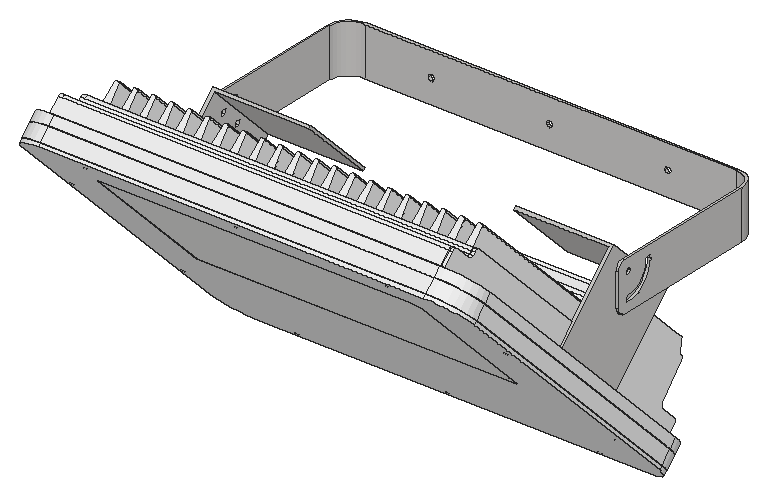
Revit family "FT ATEX LED MAX_2021", category Luminarias, Revit 2021 (continued)
Types (12, lengths in mm): name | Wattage | Power | Position | Archivo de red fotométrica | built-in parameter 1150142 | Modules | Lumens | built-in parameter 1150105 | built-in parameter 1150106 | Equiv MH
    6.231\t115.3764\t92.0875\t83.7547\t78.6269\r\n72.8581\t68.1575\t63.6707\t58.9702\t55.5516\t52.3467\t0\t0\t0\t0\r\n0\t0\t0\t0\t0\t0\t0\t0\t0\t0\r\n0\t0\t0\t0\t0\t0\t0\t0\t0\t0\r\n0\t0\t0\t0\t0\t0\t0\t0\t0\t0\r\n0\t0\t0\t0\t0\t0\t0\t0\t0\t0\r\n0\r\n12370.0594\t12328.3957\t12247.6322\t12125.846\t11967.0966\t11772.4523\t11537.8537\t11265.0098\t10951.5706\t10595.3994\r\n10158.4647\t9767.0396\t9386.0838\t9024.1438\t8678.2282\t8334.6629\t7984.6879\t7627.4483\t7253.757\t6847.5893\r\n6377.3237\t5869.2402\t5353.2513\t4822.7335\t4258.0301\t3650.5948\t3018.1612\t2357.5244\t1695.8194\t1040.5242\r\n508.9381\t234.5987\t164.7319\t142.5112\t128.6233\t115.8037\t118.795\t95.2924\t86.5323\t80.9771\r\n74.3537\t68.3712\t63.457\t59.8248\t56.6199\t52.9877\t0\t0\t0\t0\r\n0\t0\t0\t0\t0\t0\t0\t0\t0\t0\r\n0\t0\t0\t0\t0\t0\t0\t0\t0\t0\r\n0\t0\t0\t0\t0\t0\t0\t0\t0\t0\r\n0\t0\t0\t0\t0\t0\t0\t0\t0\t0\r\n0\r\n12371.7686\t12322.6268\t12235.4536\t12109.6078\t11946.3716\t11744.2492\t11498.9675\t11215.4407\t10901.1469\t10532.3697\r\n10100.1355\t9713.1973\t9349.1206\t8987.6079\t8646.3929\t8308.8101\t7964.3902\t7608.2189\t7231.3227\t6823.6594\r\n6367.068\t5860.9075\t5344.9186\t4809.9139\t4242.433\t3630.938\t2994.2312\t2339.3633\t1638.5585\t978.5628\r\n471.5476\t228.1889\t163.0226\t141.2293\t127.9823\t115.5901\t118.3676\t97.8563\t89.0962\t84.3957\r\n78.1996\t72.6444\t67.9439\t63.457\t60.2521\t54.4833\t0\t0\t0\t0\r\n0\t0\t0\t0\t0\t0\t0\t0\t0\t0\r\n0\t0\t0\t0\t0\t0\t0\t0\t0\t0\r\n0\t0\t0\t0\t0\t0\t0\t0\t0\t0\r\n0\t0\t0\t0\t0\t0\t0\t0\t0\t0\r\n0\r\n12372.4096\t12316.217\t12224.9842\t12098.7112\t11936.3296\t11730.575\t11477.8152\t11188.5196\t10872.9437\t10496.0475\r\n10071.9324\t9686.4898\t9326.0453\t8973.2927\t8635.7099\t8302.6139\t7954.5618\t7611.4238\t7236.2369\t6833.9151\r\n6375.1871\t5869.2402\t5349.6191\t4814.8281\t4255.6799\t3647.8172\t3017.3065\t2343.6365\t1604.8003\t941.5996\r\n463.4285\t231.6074\t164.9455\t141.4429\t127.3414\t115.1627\t112.5988\t98.2836\t90.1645\t85.6777\r\n78.8405\t73.9264\t68.7985\t64.9526\t61.7477\t57.0472\t0\t0\t0\t0\r\n0\t0\t0\t0\t0\t0\t0\t0\t0\t0\r\n0\t0\t0\t0\t0\t0\t0\t0\t0\t0\r\n0\t0\t0\t0\t0\t0\t0\t0\t0\t0\r\n0\t0\t0\t0\t0\t0\t0\t0\t0\t0\r\n0\r\n12372.8369\t12311.3029\t12214.3012\t12085.0369\t11924.1509\t11710.9183\t11444.4842\t11146.2149\t10825.2976\t10436.2227\r\n10024.4999\t9645.6807\t9287.3729\t8945.0896\t8607.7204\t8276.9747\t7931.4865\t7590.4852\t7217.2211\t6818.5316\r\n6371.9822\t5863.685\t5337.8678\t4798.3763\t4237.0915\t3632.22\t2995.5132\t2286.3757\t1526.387\t866.1776\r\n436.5074\t229.4708\t165.1592\t141.0156\t127.3414\t116.0174\t109.3939\t100.8475\t92.9421\t88.4552\r\n80.3362\t74.781\t69.4395\t65.38\t63.2434\t58.3292\t0\t0\t0\t0\r\n0\t0\t0\t0\t0\t0\t0\t0\t0\t0\r\n0\t0\t0\t0\t0\t0\t0\t0\t0\t0\r\n0\t0\t0\t0\t0\t0\t0\t0\t0\t0\r\n0\t0\t0\t0\t0\t0\t0\t0\t0\t0\r\n0\r\n12371.1277\t12308.5253\t12210.2417\t12080.3364\t11920.3051\t11707.0724\t11439.1427\t11131.8997\t10799.231\t10410.5835\r\n10003.7749\t9629.8699\t9276.4762\t8930.7743\t8602.3789\t8271.6332\t7931.2729\t7590.9125\t7229.8271\t6827.719\r\n6356.5987\t5862.6167\t5345.3459\t4812.4778\t4251.6203\t3648.2445\t3007.6918\t2279.7522\t1503.5254\t834.7696\r\n440.5669\t236.308\t168.5777\t142.0839\t127.9823\t116.872\t108.7529\t102.9841\t94.865\t87.8143\r\n80.5498\t73.499\t67.0892\t63.0297\t61.7477\t57.0472\t0\t0\t0\t0\r\n0\t0\t0\t0\t0\t0\t0\t0\t0\t0\r\n0\t0\t0\t0\t0\t0\t0\t0\t0\t0\r\n0\t0\t0\t0\t0\t0\t0\t0\t0\t0\r\n0\t0\t0\t0\t0\t0\t0\t0\t0\t0\r\n0\r\n12368.1364\t12297.415\t12198.2767\t12066.2348\t11906.2035\t11689.3386\t11413.0762\t11096.4321\t10762.0542\t10371.0564\r\n9964.8887\t9595.2569\t9241.6496\t8902.1439\t8575.2441\t8249.4126\t7913.1118\t7574.6743\t7208.6747\t6814.8994\r\n6363.6494\t5859.1982\t5332.7399\t4803.7178\t4235.3822\t3627.7331\t2977.7794\t2238.5158\t1449.2558\t795.4562\r\n429.2429\t234.1714\t168.5777\t142.5112\t129.6916\t118.3676\t109.3939\t105.1207\t97.6426\t88.8826\r\n81.1908\t73.9264\t66.8756\t61.9614\t59.6111\t54.9106\t0\t0\t0\t0\r\n0\t0\t0\t0\t0\t0\t0\t0\t0\t0\r\n0\t0\t0\t0\t0\t0\t0\t0\t0\t0\r\n0\t0\t0\t0\t0\t0\t0\t0\t0\t0\r\n0\t0\t0\t0\t0\t0\t0\t0\t0\t0\r\n0\r\n12372.196\t12298.6969\t12198.2767\t12065.1665\t11907.2718\t11689.7659\t11413.5035\t11092.5862\t10757.9947\t10364.2193\r\n9959.9746\t9585.8559\t9237.1628\t8903.2122\t8574.6031\t8253.6858\t7917.8123\t7584.289\t7221.2807\t6830.7102\r\n6357.2396\t5865.1807\t5343.4229\t4815.4691\t4253.3296\t3643.544\t3003.205\t2266.5053\t1478.5272\t815.3266\r\n437.1484\t239.9402\t171.1417\t143.7932\t131.1872\t120.2906\t110.6759\t108.112\t98.2836\t87.3869\r\n80.3362\t72.4307\t64.9526\t59.8248\t58.1155\t54.056\t0\t0\t0\t0\r\n0\t0\t0\t0\t0\t0\t0\t0\t0\t0\r\n0\t0\t0\t0\t0\t0\t0\t0\t0\t0\r\n0\t0\t0\t0\t0\t0\t0\t0\t0\t0\r\n0\t0\t0\t0\t0\t0\t0\t0\t0\t0\r\n0\r\n12367.0681\t12289.9369\t12189.944\t12055.7655\t11891.461\t11671.3912\t11391.4966\t11067.1607\t10722.5271\t10324.0512\r\n9934.549\t9556.7981\t9216.8651\t8880.3506\t8553.2371\t8233.1744\t7901.7878\t7572.3241\t7205.6835\t6805.712\r\n6360.6582\t5851.0791\t5332.9536\t4798.5899\t4233.8866\t3625.1692\t2975.8565\t2257.5316\t1488.9965\t831.3511\r\n429.4566\t234.8123\t169.646\t145.2888\t133.3238\t122.4272\t114.0944\t110.8895\t99.5656\t89.9509\r\n80.9771\t74.14\t67.5166\t61.7477\t58.9702\t56.8336\t0\t0\t0\t0\r\n0\t0\t0\t0\t0\t0\t0\t0\t0\t0\r\n0\t0\t0\t0\t0\t0\t0\t0\t0\t0\r\n0\t0\t0\t0\t0\t0\t0\t0\t0\t0\r\n0\t0\t0\t0\t0\t0\t0\t0\t0\t0\r\n0\r\n12374.5462\t12293.9964\t12191.0123\t12061.107\t11896.5888\t11674.1687\t11395.3424\t11068.229\t10721.4588\t10319.3507\r\n9934.9763\t9568.5494\t9216.2241\t8883.1282\t8562.4245\t8242.3618\t7919.7352\t7579.1612\t7216.1528\t6813.8311\r\n6361.2992\t5854.284\t5345.9869\t4806.4954\t4236.4505\t3643.7576\t2998.2908\t2301.5455\t1566.1278\t894.3808\r\n450.3953\t241.4358\t172.8509\t148.4937\t135.8878\t124.7774\t122.2135\t112.8125\t99.5656\t90.8055\r\n82.2591\t74.9947\t68.3712\t63.0297\t60.4658\t58.3292\t0\t0\t0\t0\r\n0\t0\t0\t0\t0\t0\t0\t0\t0\t0\r\n0\t0\t0\t0\t0\t0\t0\t0\t0\t0\r\n0\t0\t0\t0\t0\t0\t0\t0\t0\t0\r\n0\t0\t0\t0\t0\t0\t0\t0\t0\t0\r\n0\r\n12369.2047\t12285.2363\t12181.8249\t12053.6289\t11885.9058\t11655.5803\t11372.4808\t11046.4357\t10696.6742\t10290.7202\r\n9908.4825\t9544.8332\t9202.3362\t8866.249\t8550.8869\t8231.6788\t7904.779\t7570.4011\t7198.8464\t6795.2426\r\n6352.9664\t5850.8654\t5331.458\t4796.2397\t4214.6572\t3620.255\t2976.7111\t2299.1953\t1584.2889\t920.8746\r\n454.8821\t240.3675\t173.4919\t152.1259\t139.7336\t128.837\t134.1785\t112.8125\t101.0612\t93.1558\r\n84.3957\t77.9859\t71.5761\t66.4483\t63.6707\t62.3887\t0\t0\t0\t0\r\n0\t0\t0\t0\t0\t0\t0\t0\t0\t0\r\n0\t0\t0\t0\t0\t0\t0\t0\t0\t0\r\n0\t0\t0\t0\t0\t0\t0\t0\t0\t0\r\n0\t0\t0\t0\t0\t0\t0\t0\t0\t0\r\n0\r\n12368.5637\t12285.0227\t12183.3205\t12052.5606\t11886.5468\t11655.3667\t11366.9257\t11045.7947\t10700.3065\t10296.0617\r\n9916.1743\t9550.8157\t9203.1908\t8882.9145\t8562.4245\t8243.8574\t7919.0942\t7583.2207\t7209.743\t6813.4037\r\n6358.9489\t5854.4977\t5345.1322\t4802.8631\t4227.4768\t3622.3916\t2991.0263\t2316.2881\t1635.781\t975.1442\r\n478.8121\t248.2729\t177.7651\t155.7581\t143.1522\t134.8195\t144.2205\t113.2398\t100.4202\t93.1558\r\n85.2503\t79.2679\t72.8581\t67.5166\t65.38\t63.6707\t0\t0\t0\t0\r\n0\t0\t0\t0\t0\t0\t0\t0\t0\t0\r\n0\t0\t0\t0\t0\t0\t0\t0\t0\t0\r\n0\t0\t0\t0\t0\t0\t0\t0\t0\t0\r\n0\t0\t0\t0\t0\t0\t0\t0\t0\t0\r\n0\r\n12368.1364\t12283.5271\t12180.5429\t12048.9284\t11877.3594\t11638.9148\t11344.705\t11026.138\t10685.7776\t10285.3787\r\n9902.2864\t9536.2868\t9192.9352\t8872.2315\t8556.8693\t8238.9433\t7913.3254\t7576.3836\t7204.4015\t6798.0202\r\n6353.8211\t5851.0791\t5336.1585\t4788.5479\t4197.9917\t3590.5563\t2959.4047\t2291.7172\t1606.5095\t959.9744\r\n472.4023\t242.2904\t175.4149\t157.0401\t144.2205\t137.597\t141.6566\t110.8895\t98.7109\t92.0875\r\n84.3957\t78.6269\t72.0034\t66.8756\t65.1663\t63.2434\t0\t0\t0\t0\r\n0\t0\t0\t0\t0\t0\t0\t0\t0\t0\r\n0\t0\t0\t0\t0\t0\t0\t0\t0\t0\r\n0\t0\t0\t0\t0\t0\t0\t0\t0\t0\r\n0\t0\t0\t0\t0\t0\t0\t0\t0\t0\r\n0\r\n12371.9823\t12286.3046\t12185.8844\t12055.9792\t11879.7097\t11637.8465\t11345.987\t11029.3429\t10693.4693\t10300.3349\r\n9917.4562\t9552.0976\t9209.6006\t8889.3243\t8569.4753\t8249.4126\t7923.7948\t7587.4939\t7212.5206\t6813.4037\r\n6354.0347\t5855.1386\t5343.6366\t4797.949\t4215.5118\t3601.453\t2973.2926\t2308.169\t1630.6531\t980.2721\r\n476.8891\t236.308\t171.569\t155.3308\t141.4429\t134.6058\t129.0506\t105.1207\t92.9421\t85.464\r\n78.1996\t72.8581\t66.8756\t62.816\t61.9614\t58.5428\t0\t0\t0\t0\r\n0\t0\t0\t0\t0\t0\t0\t0\t0\t0\r\n0\t0\t0\t0\t0\t0\t0\t0\t0\t0\r\n0\t0\t0\t0\t0\t0\t0\t0\t0\t0\r\n0\t0\t0\t0\t0\t0\t0\t0\t0\t0\r\n0\r\n12371.7686\t12285.6637\t12184.6025\t12053.2016\t11870.5223\t11625.8816\t11333.1674\t11022.0784\t10687.7005\t10291.7885\r\n9912.7557\t9549.7474\t9204.0455\t8886.974\t8564.3474\t8243.2165\t7917.385\t7573.1787\t7200.5557\t6796.3109\r\n6349.7615\t5845.9513\t5323.7662\t4780.6425\t4197.778\t3575.3864\t2948.0807\t2279.1112\t1607.7915\t962.111\r\n451.6772\t217.0786\t163.0226\t149.3483\t135.8878\t126.7004\t111.3169\t95.506\t85.2503\t78.8405\r\n73.2854\t69.2258\t64.9526\t60.6794\t58.5428\t55.1243\t0\t0\t0\t0\r\n0\t0\t0\t0\t0\t0\t0\t0\t0\t0\r\n0\t0\t0\t0\t0\t0\t0\t0\t0\t0\r\n0\t0\t0\t0\t0\t0\t0\t0\t0\t0\r\n0\t0\t0\t0\t0\t0\t0\t0\t0\t0\r\n0\r\n12369.8457\t12283.3134\t12184.8161\t12059.825\t11873.7272\t11631.6504\t11342.7821\t11034.6844\t10706.7163\t10314.8638\r\n9931.7714\t9566.4128\t9220.2836\t8897.8707\t8580.3719\t8257.5317\t7927.6406\t7588.3486\t7214.4436\t6810.4125\r\n6355.9577\t5850.8654\t5327.6121\t4785.343\t4205.8971\t3585.4285\t2960.2593\t2297.6996\t1635.9946\t987.7502\r\n458.087\t208.7458\t155.9718\t144.4342\t130.1189\t114.3081\t97.6426\t86.5323\t79.2679\t74.5673\r\n70.0805\t67.0892\t61.7477\t58.1155\t56.6199\t53.415\t0\t0\t0\t0\r\n0\t0\t0\t0\t0\t0\t0\t0\t0\t0\r\n0\t0\t0\t0\t0\t0\t0\t0\t0\t0\r\n0\t0\t0\t0\t0\t0\t0\t0\t0\t0\r\n0\t0\t0\t0\t0\t0\t0\t0\t0\t0\r\n0" | "6" | 20100 lm | 1599.5 (stored number, unit not read) | 15.995 (stored number, unit not read) | 250 W
